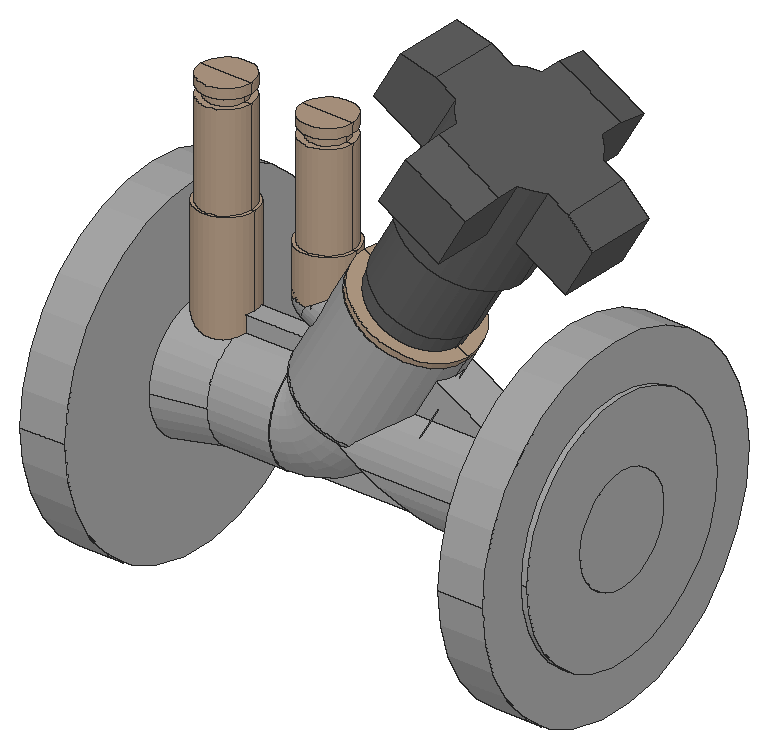
Revit family "M_Valve_Balancing and Control_MEPcontent_Oventrop_Hydrocontrol VFC 10626 DN 20-50 PN16 DIN", category Pipe Accessories, Revit 2015
Parameters (values of type "DN 20")
  Wholesaler Art. No. = ""
  Wholesaler = ""
  Watermarked By = "www.stabiplan.com"
  VHth = if(NominalDiameter < 35 mm, Hb6 + (CurDst * sin(Angle)) + (Dst1 * cos(Angle)), Rad4 + 10 mm)  # 49.378 mm
  VDst = if(NominalDiameter < 35 mm, R1, Lgt3 - 5 mm)  # 9 mm
  Use Nominal Diameter [instance] = yes
  built-in parameter 1114242 [instance] = 1
  URL = "www.stabiplan.com"
  Stabu Code = ""
  Revit Version = "2015"  # constant formula
  Product Line = "Oventrop"  # constant formula
  Steel = Color RGB 140-140-140
  R2 = R1 / sin(Angle)  # 10.392 mm
  R1 = 9 mm  # constant formula
  Rad3 = Rad4 + 3 mm  # 19.5 mm
  OuterDiameter = 26.9 mm
  Model = "Hydrocontrol VFC 10626 DN 20-50 PN16 DIN"
  Manufacturer = "Oventrop"  # constant formula
  MEPcontent Class = "VALVE_BALANCING"  # constant formula
  Lgt4 = if(NominalDiameter < 30 mm, 1.496 * NominalDiameter + 31.4 mm, 2.08 * NominalDiameter + 4 mm)  # 61.32 mm
  Lgt3 = 0.7 * NominalDiameter + 2 mm  # 16 mm
  Rad2 = FlangeDiameter / 2  # 52.5 mm
  Language = ""
  K = 75 mm
  Internal Art. No. = ""
  IFCExportType = "PRESSUREREDUCING"
  IFCExportAs = "IfcValveType"
  GTIN = "4026755173154"
  Function Code [instance] = ""
  Family Version = "10.14"  # constant formula
  ETIM Article Class = "EC011463"
  EMCS Version = "2.0"  # constant formula
  Description = "Double regulating and commissioning valve"  # constant formula
  FlangeDiameter = 105 mm
  Dst1 = (((Rad5 * sin(Angle)) - (Hb2 * cos(Angle))) / sin(Angle)) + (9 mm / sin(Angle)) + 2 mm  # 10.307 mm
  r2 = 3 mm  # constant formula
  r1 = 2 mm  # constant formula
  Rad7 = Rad6 + 2 mm  # 23.5 mm
  Rad6 = Rad5 + 2.5 mm  # 21.5 mm
  Rad5 = Rad4 + 2.5 mm  # 19 mm
  Rad4 = 0.55 * NominalDiameter + 5.5 mm  # 16.5 mm
  Rad1 = K / 2  # 37.5 mm
  Pressure Drop = 0.0 Pa
  NominalRadius [instance] = if(Use Nominal Diameter, NominalDiameter / 2, OuterDiameter / 2)  # 10 mm
  NominalDiameter = 20 mm
  Manufacturer URL = "http://www.oventrop.de/ArticleInfo.aspx?art=1062646"
  Custom = no
  CurDst = Rad4 * tan(Angle / 2)  # 9.526 mm
  Lgt2 = 0.0336 * NominalDiameter + 13.4 mm  # 14.072 mm
  Lgt1 = 2 mm  # constant formula
  L2 = Rad4 * tan(Angle / 2)  # 9.526 mm
  Length = 150 mm
  Hlp1 = 22 mm  # constant formula
  Hb6 = (Hb2) * sin(Angle) + (Rad5 * cos(Angle)) - (Dst1 * cos(Angle))  # 35.975 mm
  Hb5 = 3 mm  # constant formula
  Hb2 = Hb1 - CurDst - 65 mm - 8 mm  # 36.521 mm
  Hb1 = (Height / sin(Angle)) - (35 mm / tan(Angle)) + 3 mm  # 119.047 mm
  Height = 118 mm
  Copyright = "© Stabiplan International BV"  # constant formula
  Content Supplier URL = "www.mepcontent.eu"
  CB-NL Class = ""
  Bronze = Color RGB 156-122-90
  Black = Color RGB 35-35-35
  Article Type = "Hydrocontrol VFC 10626 DN 20-50 PN16 DIN"  # constant formula
  Article Description = "Double regulating and commissioning valve"  # constant formula
  Angle 3 = -Angle  # -60.00°
  Angle 2 = 90.00° - Angle  # 30.00°
  Angle = 60.00°  # constant formula
  Manufacturer Art. No. = "1062646"
Types (5, lengths in mm): name | VHth | VDst | Rad3 | OuterDiameter | Lgt4 | Lgt3 | Rad2 | K | GTIN | FlangeDiameter | Dst1 | Rad7 | Rad6 | Rad5 | Rad4 | Rad1 | NominalRadius | NominalDiameter | Manufacturer URL | CurDst | Lgt2 | L2 | Length | Hb6 | Hb2 | Hb1 | Height | Manufacturer Art. No.
  DN 40 | 37.5 | 25 | 30.5 | 48.3 | 87.2 | 30 | 75 | 110 | "4026755126105" | 150 | 12.973 | 34.5 | 32.5 | 30 | 27.5 | 55 | 20 | 40 | "http://www.oventrop.de/ArticleInfo.aspx?art=1062649" | 15.877 | 14.744 | 15.877 | 200 | 52.641 | 50.955 | 139.832 | 136 | "1062649"
  DN 50 | 43 | 32 | 36 | 60.3 | 108 | 37 | 82.5 | 125 | "4026755126112" | 165 | 14.307 | 40 | 38 | 35.5 | 33 | 62.5 | 25 | 50 | "http://www.oventrop.de/ArticleInfo.aspx?art=1062650" | 19.053 | 15.08 | 19.053 | 230 | 60.975 | 58.172 | 150.224 | 145 | "1062650"
  DN 32 | 70.678 | 9 | 26.1 | 42.4 | 70.56 | 24.4 | 70 | 100 | "4026755173215" | 140 | 7.107 | 30.1 | 28.1 | 25.6 | 23.1 | 50 | 16 | 32 | "http://www.oventrop.de/ArticleInfo.aspx?art=1062648" | 13.337 | 14.475 | 13.337 | 180 | 55.575 | 53.495 | 139.832 | 136 | "1062648"
  DN 25 | 50.753 | 9 | 22.25 | 33.7 | 68.8 | 19.5 | 57.5 | 85 | "4026755173178" | 115 | 13.973 | 26.25 | 24.25 | 21.75 | 19.25 | 42.5 | 12.5 | 25 | "http://www.oventrop.de/ArticleInfo.aspx?art=1062647" | 11.114 | 14.24 | 11.114 | 160 | 34.141 | 34.933 | 119.047 | 118 | "1062647"
  DN 20 | 49.378 | 9 | 19.5 | 26.9 | 61.32 | 16 | 52.5 | 75 | "4026755173154" | 105 | 10.307 | 23.5 | 21.5 | 19 | 16.5 | 37.5 | 10 | 20 | "http://www.oventrop.de/ArticleInfo.aspx?art=1062646" | 9.526 | 14.072 | 9.526 | 150 | 35.975 | 36.521 | 119.047 | 118 | "1062646"
Reference planes
  plane 1 "Center (Front/Back)": y = 0
  plane 2: z = 0
  plane 3 "Center (Left/Right)": x = 0
  plane 4: x = -75
  plane 5: x = 75
  plane 6: x = 73
  plane 7: x = -73
  plane 8: x = -23.206
  plane 9: z = -16.5
  plane 10: z = -19
  plane 11: z = -21.5
  plane 12: x = -13.68
  plane 13: z = 16.5
  plane 14: y = 7.036
  plane 15: y = -7.036
  plane 16: y = -16.5
  plane 17: y = 16.5
  plane 18: x = 58.928
  plane 19: y = 11
  plane 20: y = -11
  plane 21: y = -3
  plane 22: y = 3
  plane 23: x = -58.928
  plane 24: x = -42.928
  plane 25: x = 42.928
  plane 26: x = -49.928
Forms (mm)
  Extrusion 1, solid, material "Color RGB 140-140-140" <- "Steel", detail levels fine
    sketch origin (0, 0, 0) x (0, 1, 0) y (0, 0, 1)
      loop
        circle (0, 0) r 37.5
    from 73 to 75
  Extrusion 2, solid, material "Color RGB 140-140-140" <- "Steel", detail levels fine
    sketch origin (0, 0, 0) x (0, 1, 0) y (0, 0, 1)
      loop
        circle (0, 0) r 37.5
    from -73 to -75
  Extrusion 3, solid, material "Color RGB 140-140-140" <- "Steel", detail levels fine
    sketch origin (0, 0, 0) x (0, 1, 0) y (0, 0, 1)
      loop
        circle (0, 0) r 16.5
    from -73 to 73
  Revolve 4, void
    sketch origin (-13.68, 0, 0) x (0.5, 0, 0.866025) y (-0.866025, 0, 0.5)
      loop
        line (9.526, 0) -> (-150, 0) -> (-150, -150) -> (9.526, -150) -> (9.526, 0)
      axis (-150, 0) -> (9.526, 0)
    angle from 0 to 360
  Revolve 5, solid, material "Color RGB 140-140-140" <- "Steel", detail levels fine
    sketch origin (-23.206, -1524, 140.053) x (0, 0, 1) y (0, -1, 0)
      loop
        circle (-140.053, -1524) r 16.5
      axis (-123.553, -1524) -> (-123.553, -1523)
    angle from 0 to -60 <- "Angle 3"
  Extrusion 6, solid, material "Color RGB 140-140-140" <- "Steel", detail levels fine
    sketch origin (-23.206, -1524, 140.053) x (0, 0, 1) y (0, -1, 0)
      loop
        circle (-140.053, -1524) r 16.5
    from -51.794 to 0
  Revolve 7, solid, material "Color RGB 140-140-140" <- "Steel", detail levels fine
    sketch origin (-13.68, 0, 0) x (0.5, 0, 0.866025) y (-0.866025, 0, 0.5)
      loop
        line (46.047, 0) -> (9.526, 0) -> (9.526, -17)
        arc (9.526, -17) -> (10.112, -18.414) -> (11.526, -19) r 2
        line (11.526, -19) -> (46.047, -19) -> (46.047, 0)
      axis (9.526, 0) -> (46.047, 0)
    angle from 0 to 360
  Revolve 8, solid, material "Color RGB 35-35-35" <- "Black", detail levels fine
    sketch origin (-13.68, 0, 0) x (0.5, 0, 0.866025) y (-0.866025, 0, 0.5)
      loop
        line (46.047, 0) -> (46.047, -15) -> (54.047, -15) -> (54.047, -16) -> (79.047, -16) -> (79.047, -20) -> (119.047, -20) -> (119.047, 0) -> (46.047, 0)
      axis (46.047, 0) -> (119.047, 0)
    angle from 0 to 360
  Extrusion 9, solid, material "Color RGB 35-35-35" <- "Black", detail levels fine
    sketch origin (-13.68, 0, 0) x (0.5, 0, 0.866025) y (-0.866025, 0, 0.5)
      loop
        line (119.047, 24) -> (116.047, 35) -> (99.047, 35) -> (99.047, -35) -> (116.047, -35) -> (119.047, -24) -> (119.047, 24)
    from -11 to 11
  Extrusion 10, solid, material "Color RGB 35-35-35" <- "Black", detail levels fine
    sketch origin (-13.68, 0, 0) x (0.5, 0, 0.866025) y (0, -1, 0)
      loop
        line (116.047, -35) -> (119.047, -24) -> (119.047, 24) -> (116.047, 35) -> (99.047, 35) -> (99.047, -35) -> (116.047, -35)
    from -11 to 11
  Extrusion 11, solid, material "Color RGB 140-140-140" <- "Steel", detail levels fine
    sketch origin (73, -1524, 140.053) x (0, 0, 1) y (0, -1, 0)
      loop
        circle (-140.053, -1524) r 16.5
    from 2 to -14.072
  Extrusion 12, solid, material "Color RGB 140-140-140" <- "Steel", detail levels fine
    sketch origin (-13.68, 0, 0) x (0.5, 0, 0.866025) y (-0.866025, 0, 0.5)
      loop
        line (41.047, 0) -> (9.526, 0) -> (9.526, -16.5) -> (28.304, -49.024) -> (41.047, -60.142) -> (41.047, 0)
    from -7.036 to 7.036
  Revolve 13, solid, material "Color RGB 156-122-90" <- "Bronze", detail levels fine
    sketch origin (-17.843, 0, 13.403) x (0, 0, 1) y (-1, 0, 0)
      loop
        line (21.085, 0) -> (21.085, -9) -> (35.975, -9) -> (35.975, -8) -> (65.975, -8) -> (65.975, -6) -> (68.975, -6) -> (68.975, -8) -> (71.975, -8) -> (71.975, 0) -> (21.085, 0)
      axis (21.085, 0) -> (71.975, 0)
    angle from 0 to 360
  Revolve 14, solid, material "Color RGB 140-140-140" <- "Steel", detail levels fine
    sketch origin (-65.409, 0, 61.951) x (0.866025, 0, -0.5) y (0.5, 0, 0.866025)
      loop
        line (54.925, -9) -> (75.774, -9) -> (75.774, 0) -> (45.925, 0)
        arc (45.925, 0) -> (48.561, -6.364) -> (54.925, -9) r 9
      axis (45.925, 0) -> (75.774, 0)
    angle from 0 to 360
  Extrusion 15, solid, material "Color RGB 140-140-140" <- "Steel", detail levels fine
    sketch origin (0, 0, 0) x (0, 1, 0) y (0, 0, 1)
      loop
        circle (0, 0) r 52.5
    from -58.928 to -73
  Extrusion 16, solid, material "Color RGB 140-140-140" <- "Steel", detail levels fine
    sketch origin (0, 0, 0) x (0, 1, 0) y (0, 0, 1)
      loop
        circle (0, 0) r 52.5
    from 58.928 to 73
  Blend 17, solid, material "Color RGB 140-140-140" <- "Steel", detail levels fine
    base sketch origin (0, 0, 0) x (0, 1, 0) y (0, 0, 1)
      loop
        circle (0, 0) r 19.5
    top sketch origin (0, 0, 0) x (0, 1, 0) y (0, 0, 1)
      loop
        circle (0, 0) r 16.5
    from 58.928 to 42.928
  Blend 18, solid, material "Color RGB 140-140-140" <- "Steel", detail levels fine
    base sketch origin (0, 0, 0) x (0, 1, 0) y (0, 0, 1)
      loop
        circle (0, 0) r 19.5
    top sketch origin (0, 0, 0) x (0, 1, 0) y (0, 0, 1)
      loop
        circle (0, 0) r 16.5
    from -58.928 to -42.928
  Extrusion 19, solid, material "Color RGB 140-140-140" <- "Steel", detail levels fine
    sketch origin (0, 0, 0) x (0, 1, 0) y (0, 0, 1)
      loop
        arc (-3, -16.225) -> (0, -16.5) -> (3, -16.225) r 16.5
        line (3, -16.225) -> (3, 0) -> (-3, 0) -> (-3, -16.225)
    from -23.206 to 42.928
  Revolve 20, solid, material "Color RGB 156-122-90" <- "Bronze", detail levels fine
    sketch origin (0, 0, 0) x (1, 0, 0) y (0, 0, 1)
      loop
        line (-49.928, 0) -> (-40.928, 0) -> (-40.928, 49.378) -> (-41.928, 49.378) -> (-41.928, 79.378) -> (-43.928, 79.378) -> (-43.928, 82.378) -> (-41.928, 82.378) -> (-41.928, 85.378) -> (-49.928, 85.378) -> (-49.928, 0)
      axis (-49.928, 85.378) -> (-49.928, 0)
    angle from 0 to 360
  Extrusion 21, solid, material "Color RGB 140-140-140" <- "Steel", detail levels fine
    sketch origin (0, 0, 0) x (1, 0, 0) y (0, 0, 1)
      loop
        line (-58.928, 21.431) -> (-58.928, 0) -> (-8.843, 0) -> (-8.843, 21.431) -> (-58.928, 21.431)
    from -3 to 3
  Revolve 22, solid, material "Color RGB 156-122-90" <- "Bronze", detail levels fine
    sketch origin (0, 0, 0) x (1, 0, 0) y (0, 0, 1)
      loop
        line (9.344, 39.878) -> (10.344, 41.61) -> (-6.111, 51.11) -> (-7.111, 49.378) -> (9.344, 39.878)
      axis (9.344, 39.878) -> (10.344, 41.61)
    angle from 0 to 360
Cuts and joins
  Revolve 4 cuts Extrusion 3
  joined: Revolve 8, Extrusion 9, Extrusion 10
  joined: Extrusion 6, Blend 17, Blend 18, Extrusion 19, Extrusion 21
Lines and regions (mm)
  reference lines
    curve 1: line (-13.68, 0, 0) -> (186.32, 0, 346.41)
    curve 2: line (-19.779, 0, 140.985) -> (127.931, 0, 55.705)
    curve 3: line (-21.279, 0, 138.387) -> (126.431, 0, 53.107)
    curve 4: line (-29.779, 0, 123.665) -> (117.931, 0, 38.384)
    curve 5: line (107.931, 0, 21.064) -> (-39.779, 0, 106.344)
    curve 6: line (111.931, 0, 27.992) -> (-35.779, 0, 113.272)
    curve 7: line (-56.279, 0, 77.765) -> (91.431, 0, -7.515)
    curve 8: line (-57.279, 0, 76.033) -> (90.431, 0, -9.247)
    curve 9: line (-58.779, 0, 73.435) -> (88.931, 0, -11.845)
    curve 10: line (-74.539, 0, 46.137) -> (73.171, 0, -39.143)
    curve 11: line (-13.68, 0, 0) -> (83.563, 0, -56.143)
    curve 12: line (-52.279, 0, 84.693) -> (95.431, 0, -0.587)
    curve 13: line (-65.409, 0, 61.951) -> (82.301, 0, -23.329)
    curve 14: line (25.364, 0, 29.627) -> (46.298, 0, 65.885)
    curve 15: line (48.463, 0, 64.635) -> (27.53, 0, 28.377)
    curve 16: line (50.195, 0, 63.635) -> (29.262, 0, 27.377)
    curve 17: line (63.346, 0, 85.413) -> (52.787, 0, 67.124)
    curve 18: line (21.777, 0, 109.413) -> (11.218, 0, 91.124)
    curve 19: line (72.872, 0, 79.913) -> (62.313, 0, 61.624)
    curve 20: line (12.25, 0, 114.913) -> (1.691, 0, 96.624)
    curve 21: line (42.561, 24, 97.413) -> (32.002, 24, 79.124)
    curve 22: line (42.561, -24, 97.413) -> (32.002, -24, 79.124)
    curve 23: line (42.561, -35, 97.413) -> (32.002, -35, 79.124)
    curve 24: line (42.561, 35, 97.413) -> (32.002, 35, 79.124)
    curve 25: line (45.844, 41.48, 103.098) -> (45.844, -45.862, 103.098)
    curve 26: line (44.344, 41.48, 100.5) -> (44.344, -45.862, 100.5)
    curve 27: line (35.844, -45.862, 85.778) -> (35.844, 41.48, 85.778)
    curve 28: line (-17.843, 0, 13.403) -> (-17.843, 0, 105.363)
    curve 38: line (-104.035, 0, 21.431) -> (-2.355, 0, 21.431)
  model lines, style "Accessories", detail levels coarse+medium
    curve 29: line (-75, 0, 16.5) -> (-75, 0, -16.5)
    curve 30: line (-75, 0, -16.5) -> (75, 0, 16.5)
    curve 31: line (75, 0, -16.5) -> (-75, 0, 16.5)
    curve 32: circle (0, 0, 0) r 10 normal (1, 0, 0)
    curve 33: line (-75, 16.5, 0) -> (-75, -16.5, 0)
    curve 34: line (75, 16.5, 0) -> (75, -16.5, 0)
    curve 35: line (75, 16.5, 0) -> (-75, -16.5, 0)
    curve 36: line (-75, 16.5, 0) -> (75, -16.5, 0)
    curve 37: line (75, 0, 16.5) -> (75, 0, -16.5)
Dimensions and locks
  equal spacing: plane 5, plane 3 "Center (Left/Right)", plane 4
  "Length": plane 5 to plane 4
  "Lgt1": plane 7 to plane 4
  "CurDst": plane 12 to plane 8
  "Lgt1": plane 6 to plane 5
  "Rad6": level to plane 11
  "Rad5": level to plane 10
  "Rad4": level to plane 9
  "Rad4": plane 13 to level
  equal spacing: plane 14, plane 1 "Center (Front/Back)", plane 15
  "Lgt2": plane 14 to plane 15
  "Hb1": curve 11 to curve 2
  locked: curve 3 to curve 2 at 3
  locked: curve 4 to curve 3 at 17
  locked: curve 5 to curve 4 at 20
  locked: curve 5 to curve 12 at 25
  "Length": Revolve 4 sketch curve to curve 1
  "Length": Revolve 4 sketch curve to curve 11
  equal spacing: plane 17, plane 1 "Center (Front/Back)", plane 16
  "Rad4": plane 1 "Center (Front/Back)" to plane 16
  "CurDst": curve 11 to curve 10
  "Lgt2": plane 6 to plane 18
  "Hb2": curve 10 to curve 7
  equal spacing: curve 10, curve 13, curve 7
  "Hb5": curve 9 to curve 8
  "r1": curve 8 to curve 7
  "Rad5": curve 14 to curve 1
  "Rad6": curve 15 to curve 1
  "Rad7": curve 16 to curve 1
  locked: curve 6 to curve 5 at 8
  locked: Revolve 8 sketch curve to Revolve 8 sketch curve at 1
  locked: curve 1 to Revolve 8 sketch curve at 16
  locked: Revolve 8 sketch curve to curve 1 at 20
  equal spacing: curve 17, curve 1, curve 18
  locked: curve 17 to curve 1 at 24
  equal spacing: curve 19, curve 1, curve 20
  locked: curve 1 to curve 20 at 35
  "Hlp1": plane 19 to plane 20
  equal spacing: plane 19, plane 1 "Center (Front/Back)", plane 20
  equal spacing: curve 21, curve 1, curve 22
  locked: curve 21 to curve 1 at 24
  equal spacing: curve 24, curve 1, curve 23
  locked: curve 1 to curve 23 at 35
  "Hb1": curve 1 to curve 25
  locked: curve 26 to curve 25 at 3
  locked: curve 27 to curve 26 at 17
  equal spacing: plane 22, plane 1 "Center (Front/Back)", plane 21
  "r2": plane 1 "Center (Front/Back)" to plane 21
  "Hb6": Revolve 13 sketch curve to curve 28
  locked: Revolve 13 sketch curve to Revolve 13 sketch curve at 30
  "R1": Revolve 13 sketch curve to curve 28
  locked: Revolve 13 sketch curve to Revolve 13 sketch curve at 1
  locked: Revolve 13 sketch curve to Revolve 13 sketch curve at 2
  equal spacing: Revolve 13 sketch curve, Revolve 13 sketch curve, Revolve 13 sketch curve
  locked: Revolve 13 sketch curve to Revolve 13 sketch curve at 6
  "Dst1": curve 1 to curve 28
  locked: curve 28 to Revolve 13 sketch curve
  "Lgt4": plane 12 to plane 4
  "Lgt2": plane 7 to plane 23
  "Lgt3": plane 24 to plane 23
  "Lgt3": plane 18 to plane 25
  "VDst": plane 26 to plane 23
  "R1": Revolve 20 sketch curve to plane 26
  locked: Revolve 20 sketch curve to Revolve 20 sketch curve at 1
  locked: Revolve 20 sketch curve to Revolve 20 sketch curve at 2
  locked: Revolve 20 sketch curve to Revolve 20 sketch curve at 30
  equal spacing: Revolve 20 sketch curve, Revolve 20 sketch curve, Revolve 20 sketch curve
  locked: Revolve 20 sketch curve to Revolve 20 sketch curve at 6
  "VHth": Revolve 20 sketch curve to level
  "R1": curve 28 to Extrusion 21 sketch curve
  locked: Revolve 14 sketch curve to curve 28
  cut or joined group of Revolve 8, Extrusion 9, Extrusion 10 to level = 118 mm
  locked: curve 38 to plane 13 at 4.931
  locked: Revolve 22 sketch curve to Revolve 22 sketch curve at 2
  "Rad5": Revolve 22 sketch curve to Revolve 22 sketch curve
  "Rad1": radius of Extrusion 1 sketch curve
  "Rad1": radius of Extrusion 2 sketch curve
  "Rad4": radius of Extrusion 3 sketch curve
  "Rad4": radius of Revolve 5 sketch curve
  "Rad4": radius of Extrusion 6 sketch curve
  "r1": radius of Revolve 7 sketch curve
  "Rad4": radius of Extrusion 11 sketch curve
  "NominalRadius": radius of curve 32
  "Rad2": radius of Extrusion 15 sketch curve
  "Rad2": radius of Extrusion 16 sketch curve
  "Rad3": radius of Blend 17 sketch curve
  "Rad4": radius of Blend 17 sketch curve
  "Rad3": radius of Blend 18 sketch curve
  "Rad4": radius of Blend 18 sketch curve
  "R1": radius of Revolve 14 sketch curve
  "Rad4": radius of Extrusion 19 sketch curve
  "Angle": angle level to curve 1
  "Angle 2": angle curve 1 to curve 28
  aligned and locked: level to plane 2
  aligned and locked: plane 7 to Extrusion 2
  aligned and locked: Extrusion 2 to plane 4
  aligned and locked: Extrusion 1 to plane 6
  aligned and locked: Extrusion 1 to plane 5
  aligned and locked: plane 12 to curve 1
  aligned and locked: plane 2 to curve 1
  aligned and locked: curve 3 to curve 2  (x2)
  aligned and locked: curve 4 to curve 2  (x2)
  aligned and locked: curve 5 to curve 2  (x2)
  aligned and locked: curve 6 to curve 2  (x2)
  aligned and locked: curve 7 to curve 2  (x2)
  aligned and locked: curve 8 to curve 2  (x2)
  aligned and locked: curve 9 to curve 2  (x2)
  aligned and locked: curve 10 to curve 2  (x2)
  aligned and locked: curve 11 to curve 1  (x2)
  aligned and locked: curve 12 to curve 2  (x2)
  aligned and locked: Revolve 4 sketch curve to curve 1  (x2)
  aligned and locked: curve 13 to curve 4
  aligned and locked: plane 6 to Extrusion 3
  aligned and locked: plane 7 to Extrusion 3
  aligned and locked: Revolve 5 sketch curve to plane 13
  aligned and locked: plane 8 to Extrusion 6
  aligned and locked: Revolve 7 sketch curve to curve 10
  aligned and locked: curve 1 to Revolve 7 sketch curve
  aligned and locked: Revolve 7 sketch curve to curve 1
  aligned and locked: curve 10 to Revolve 4 sketch curve
  aligned and locked: curve 15 to curve 14  (x2)
  aligned and locked: curve 16 to curve 14
  aligned and locked: curve 7 to Revolve 7 sketch curve
  aligned and locked: Revolve 7 sketch curve to curve 14
  aligned and locked: Revolve 8 sketch curve to curve 2
  aligned and locked: Revolve 8 sketch curve to curve 1  (x2)
  aligned and locked: curve 5 to Revolve 8 sketch curve
  aligned and locked: Revolve 8 sketch curve to curve 12
  aligned and locked: curve 7 to Revolve 8 sketch curve
  aligned and locked: curve 18 to curve 17
  aligned and locked: Extrusion 9 sketch curve to curve 18
  aligned and locked: curve 2 to Extrusion 9 sketch curve
  aligned and locked: Extrusion 9 sketch curve to curve 17
  aligned and locked: curve 3 to Extrusion 9 sketch curve  (x2)
  aligned and locked: curve 4 to Extrusion 9 sketch curve  (x2)
  aligned and locked: curve 17 to curve 19  (x2)
  aligned and locked: curve 20 to curve 17  (x2)
  aligned and locked: curve 20 to curve 18
  aligned and locked: Extrusion 9 sketch curve to curve 20
  aligned and locked: Extrusion 9 sketch curve to curve 19
  aligned and locked: Extrusion 9 to plane 19
  aligned and locked: Extrusion 9 to plane 20
  aligned and locked: curve 17 to curve 21  (x2)
  aligned and locked: curve 22 to curve 17  (x2)
  aligned and locked: curve 23 to curve 17  (x2)
  aligned and locked: curve 17 to curve 24  (x2)
  aligned and locked: curve 25 to curve 27  (x2)
  aligned and locked: curve 25 to curve 26  (x2)
  aligned and locked: curve 26 to Extrusion 10 sketch curve  (x2)
  aligned and locked: curve 27 to Extrusion 10 sketch curve  (x2)
  aligned and locked: Extrusion 10 sketch curve to curve 24
  aligned and locked: Extrusion 10 sketch curve to curve 23
  aligned and locked: Extrusion 10 sketch curve to curve 22
  aligned and locked: Extrusion 10 sketch curve to curve 25
  aligned and locked: Extrusion 10 sketch curve to curve 21
  aligned and locked: Extrusion 11 to plane 18
  aligned and locked: plane 2 to Extrusion 12 sketch curve
  aligned and locked: curve 1 to Extrusion 12 sketch curve
  aligned and locked: curve 10 to Extrusion 12 sketch curve
  aligned and locked: Revolve 13 sketch curve to curve 28  (x2)
  aligned and locked: Extrusion 6 to plane 4
  aligned and locked: Extrusion 11 to plane 5
  aligned and locked: Revolve 13 sketch curve to Revolve 13 sketch curve
  aligned and locked: curve 1 to Revolve 14 sketch curve
  aligned and locked: Revolve 14 sketch curve to curve 13  (x2)
  aligned and locked: plane 24 to Blend 18
  aligned and locked: Blend 18 to plane 23
  aligned and locked: plane 23 to Extrusion 15
  aligned and locked: plane 7 to Extrusion 15
  aligned and locked: plane 25 to Blend 17
  aligned and locked: plane 18 to Blend 17
  aligned and locked: Extrusion 16 to plane 18
  aligned and locked: plane 6 to Extrusion 16
  aligned and locked: Extrusion 12 to plane 14
  aligned and locked: plane 15 to Extrusion 12
  aligned and locked: level to Extrusion 19 sketch curve
  aligned and locked: Extrusion 19 to plane 8
  aligned and locked: plane 25 to Extrusion 19
  aligned and locked: Extrusion 19 sketch curve to plane 22
  aligned and locked: plane 21 to Extrusion 19 sketch curve
  aligned and locked: Revolve 20 sketch curve to plane 2
  aligned and locked: Revolve 20 sketch curve to Revolve 20 sketch curve
  aligned and locked: Revolve 20 sketch curve to plane 26  (x2)
  aligned and locked: level to Extrusion 21 sketch curve
  aligned and locked: plane 23 to Extrusion 21 sketch curve
  aligned and locked: Extrusion 21 to plane 22
  aligned and locked: plane 21 to Extrusion 21
  aligned and locked: curve 9 to Extrusion 12 sketch curve
  aligned and locked: plane 18 to Extrusion 12 sketch curve
  aligned and locked: plane 25 to Extrusion 12 sketch curve
  aligned and locked: plane 17 to curve 34
  aligned and locked: plane 16 to curve 36
  aligned and locked: plane 5 to curve 36
  aligned and locked: plane 5 to curve 35
  aligned and locked: plane 4 to curve 35
  aligned and locked: plane 16 to curve 35
  aligned and locked: plane 4 to curve 36
  aligned and locked: plane 17 to curve 36
  aligned and locked: curve 29 to plane 4
  aligned and locked: plane 9 to curve 30
  aligned and locked: plane 4 to curve 30
  aligned and locked: plane 13 to curve 31
  aligned and locked: plane 13 to curve 37
  aligned and locked: plane 9 to curve 37
  aligned and locked: plane 5 to curve 31
  aligned and locked: plane 5 to curve 37
  aligned and locked: Extrusion 21 to curve 38
  aligned and locked: Revolve 22 sketch curve to curve 1
  aligned and locked: curve 1 to Revolve 22 sketch curve
  aligned and locked: Revolve 22 sketch curve to curve 7
Automatic sketch dimensions
  Revolve 8 sketch curve to curve 1 = 0 mm  (x2)
  curve 32 to level = 0 mm
  curve 32 to plane 1 "Center (Front/Back)" = 0 mm
  Extrusion 1 sketch curve to level = 0 mm
  Extrusion 1 sketch curve to plane 1 "Center (Front/Back)" = 0 mm
  Extrusion 2 sketch curve to level = 0 mm
  Extrusion 2 sketch curve to plane 1 "Center (Front/Back)" = 0 mm
  Extrusion 3 sketch curve to level = 0 mm
  Extrusion 3 sketch curve to plane 1 "Center (Front/Back)" = 0 mm
  curve 38 to plane 4 = 29.035 mm
  curve 38 to plane 3 "Center (Left/Right)" = 2.355 mm
  curve 11 to curve 1 = 112.287 mm
  curve 14 to curve 14 = 41.867 mm
  curve 16 to curve 17 = 4.317 mm
  curve 17 to curve 17 = 21.118 mm
  curve 2 to curve 19 = 59.787 mm
  curve 1 to curve 7 = 75.774 mm
  curve 9 to curve 13 = 0 mm
  Revolve 4 sketch curve to curve 1 = 0 mm  (x2)
  Revolve 5 sketch curve to level = 0 mm
  Revolve 5 sketch curve to plane 1 "Center (Front/Back)" = 0 mm
  plane 17 to Revolve 5 sketch curve = 1428.104 mm
  plane 16 to Revolve 5 sketch curve = 2812.199 mm
  Extrusion 6 sketch curve to level = 0 mm
  Extrusion 6 sketch curve to plane 1 "Center (Front/Back)" = 0 mm
  Revolve 7 sketch curve to curve 1 = 0 mm  (x2)
  curve 27 to curve 24 = 6.48 mm
  curve 23 to curve 27 = 10.862 mm
  Extrusion 11 sketch curve to level = 0 mm
  Extrusion 11 sketch curve to plane 1 "Center (Front/Back)" = 0 mm
  Revolve 13 sketch curve to curve 28 = 0 mm  (x2)
  Revolve 14 sketch curve to curve 13 = 0 mm  (x2)
  Extrusion 15 sketch curve to level = 0 mm
  Extrusion 15 sketch curve to plane 1 "Center (Front/Back)" = 0 mm
  Extrusion 16 sketch curve to level = 0 mm
  Extrusion 16 sketch curve to plane 1 "Center (Front/Back)" = 0 mm
  Blend 17 sketch curve to level = 0 mm  (x2)
  Blend 17 sketch curve to plane 1 "Center (Front/Back)" = 0 mm  (x2)
  Blend 18 sketch curve to level = 0 mm  (x2)
  Blend 18 sketch curve to plane 1 "Center (Front/Back)" = 0 mm  (x2)
  Extrusion 19 sketch curve to level = 0 mm
  Extrusion 19 sketch curve to plane 1 "Center (Front/Back)" = 0 mm
  plane 11 to Revolve 20 sketch curve = 130.682 mm
  Revolve 20 sketch curve to Revolve 20 sketch curve = 49.999 mm
  plane 13 to Extrusion 21 sketch curve = 4.931 mm
  Revolve 22 sketch curve to level = 0 mm
  Revolve 22 sketch curve to plane 5 = 111.32 mm
Connectors
  piping at (-75, 0, 0), diameter 20, driven by "NominalRadius", driven by "Pressure Drop"
    settings: on Extrusion 6, index 1, connector inside diameter 40 mm, connector length 0 mm, flow factor 0, pipe flow 0.0 L/s, pressure drop 0.0 Pa, fitting loss kfactor 0, connector angle 0.00°, fixture units 0, engagement length 0 mm, angle of deflection 0.00°, flow configuration 0, flow direction 1, fitting loss method 4, system type 29, joint type 0, gender type 0, connector reference index 2, connector utility 0, adjustable connector no, is connector primary yes, connector description "Global In"
  piping at (75, 0, 0), diameter 20, driven by "Pressure Drop", driven by "NominalRadius"
    settings: on Extrusion 11, index 2, connector inside diameter 40 mm, connector length 0 mm, flow factor 0, pipe flow 0.0 L/s, pressure drop 0.0 Pa, fitting loss kfactor 0, connector angle 0.00°, fixture units 0, engagement length 0 mm, angle of deflection 0.00°, flow configuration 0, flow direction 2, fitting loss method 4, system type 29, joint type 0, gender type 0, connector reference index 1, connector utility 0, adjustable connector no, is connector primary no, connector description "Global Out"
